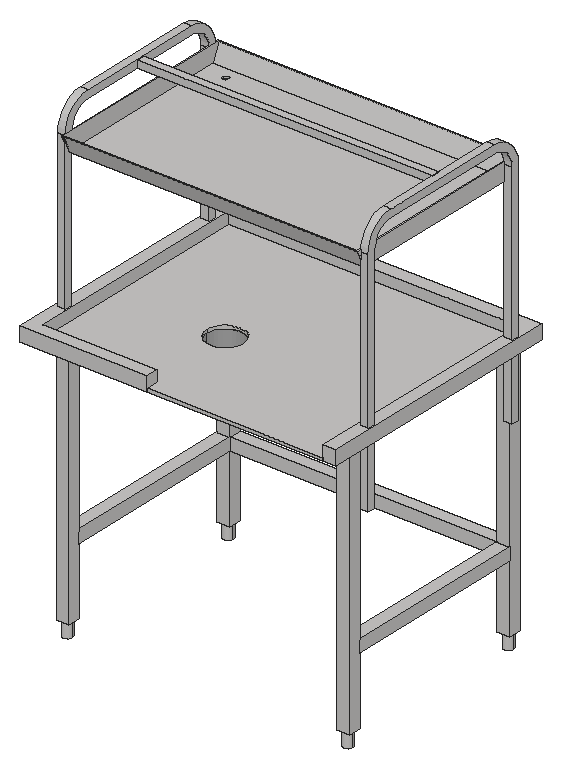
Revit family "QF_ZANUSSI_865335_BHST1008L", category Attrezzature speciali, Revit 2020
Family settings
  Quota connettore circolare = Usa diametro
  Tipo di parte = Normale
  Basato su piano di lavoro = No
  Sempre verticale = Sì
  Taglio con vuoti quando caricato = No
  Condiviso = No
  Punto di calcolo locali = No
Parameters (values of type "Standard")
  Weight = 8.00 kg
  Watts = 0 W
  Volts = 0 V
  URL Manufacturer = "http://www.zanussiprofessional.com"
  URL = "http://www.zanussiprofessional.com"
  Steam Supply Size = 0 mm
  Steam Supply Minimum Pressure = 0.0 Pa
  Steam Supply Maximum Pressure = 0.0 Pa
  Steam Consumption per Hour = 0
  Refrigeration Suction Line Size = 0 mm
  Refrigeration Liquid Line Size = 0 mm
  Refrigerant Compressor Remote = yes
  Prospetto di default = 0 mm
  Produttore = "Zanussi"
  Phase = 0
  Modello = "BHST1008L"
  Length Actual = 1000 mm  # constant formula
  Item Number = "865335"
  Hot Water Size = 0 mm
  Height Actual = 1551 mm  # constant formula
  HP = "0 HP"
  Gas Size = 0 mm
  Gas KW = 0
  Gas Input Pressure = 0 W
  Direct Waste Size = 0 mm
  Description = "SORTING TABLE, LEFT>RIGHT, 1000X800 MM "
  Depth Actual = 800 mm  # constant formula
  Cycle = 0 Hz
  Condensate Return Size = 0 mm
  Compressed Air Volume = 0.0 L/s
  Compressed Air Size = 0 mm
  Compressed Air Pressure = 0.0 Pa
  Cold Water Size = 0 mm
  Accessory = yes
Reference planes
  plane 1 "Centro (Fronte/Retro)": y = 0
  plane 2: z = 0
  plane 3 "Centro (Sinistra/Destra)": x = 0
  plane 4: x = 500
  plane 5: z = 1492
  plane 6: x = 20
  plane 7: y = -379.5
  plane 8: x = 56
  plane 9: x = 944
  plane 10: y = -60
  plane 11: y = -695
Forms (mm)
  Extrusion 1, solid, material "QF_Finishes_Stainless Steel"
    sketch origin (-76, -40, 0) x (1, 0, 0) y (0, 1, 0)
      loop
        line (1000, 0) -> (1000, -40) -> (1040, -40) -> (1040, 0) -> (1000, 0)
    from 45 to 865
  Extrusion 2, solid, material "QF_Finishes_Stainless Steel"
    sketch origin (-76, -40, 0) x (1, 0, 0) y (0, 1, 0)
      loop
        circle (1020, -20) r 15
    from 0 to 45
  Extrusion 3, solid, material "QF_Finishes_Stainless Steel"
    sketch origin (-76, -675, 0) x (1, 0, 0) y (0, 1, 0)
      loop
        line (1000, 0) -> (1000, -40) -> (1040, -40) -> (1040, 0) -> (1000, 0)
    from 45 to 865
  Extrusion 4, solid, material "QF_Finishes_Stainless Steel"
    sketch origin (-76, -675, 0) x (1, 0, 0) y (0, 1, 0)
      loop
        circle (1020, -20) r 15
    from 0 to 45
  Extrusion 5, solid, material "QF_Finishes_Stainless Steel"
    sketch origin (-964, -40, 0) x (1, 0, 0) y (0, 1, 0)
      loop
        line (1000, 0) -> (1000, -40) -> (1040, -40) -> (1040, 0) -> (1000, 0)
    from 45 to 865
  Extrusion 6, solid, material "QF_Finishes_Stainless Steel"
    sketch origin (-964, -40, 0) x (1, 0, 0) y (0, 1, 0)
      loop
        circle (1020, -20) r 15
    from 0 to 45
  Extrusion 7, solid, material "QF_Finishes_Stainless Steel"
    sketch origin (-964, -675, 0) x (1, 0, 0) y (0, 1, 0)
      loop
        line (1000, 0) -> (1000, -40) -> (1040, -40) -> (1040, 0) -> (1000, 0)
    from 45 to 865
  Extrusion 8, solid, material "QF_Finishes_Stainless Steel"
    sketch origin (-964, -675, 0) x (1, 0, 0) y (0, 1, 0)
      loop
        circle (1020, -20) r 15
    from 0 to 45
  Extrusion 9, solid, material "QF_Finishes_Stainless Steel"
    sketch origin (0, 0, 0) x (1, 0, 0) y (0, 0, 1)
      loop
        line (76, 259.624) -> (924, 259.624) -> (924, 299.579) -> (76, 299.579) -> (76, 259.624)
    from 40 to 80
  Extrusion 10, solid, material "QF_Finishes_Stainless Steel"
    sketch origin (36, 0, 0) x (0, 1, 0) y (0, 0, 1)
      loop
        line (-80, 299.579) -> (-675, 299.579) -> (-675, 259.579) -> (-80, 259.579) -> (-80, 299.579)
    from 0 to 40
  Extrusion 11, solid, material "QF_Finishes_Stainless Steel"
    sketch origin (964, 0, 0) x (0, 1, 0) y (0, 0, -1)
      loop
        line (-80, -299.579) -> (-80, -259.579) -> (-675, -259.579) -> (-675, -299.579) -> (-80, -299.579)
    from 0 to 40
  Sweep 12, solid, material "QF_Finishes_Stainless Steel"
    path origin (0, 0, -12) x (0, 1, 0) y (0, 0, 1)
      loop
        line (-95, 682) -> (-95, 1412)
        arc (-95, 1412) -> (-118.431, 1468.569) -> (-175, 1492) r 80
        line (-175, 1492) -> (-584, 1492)
        arc (-584, 1492) -> (-640.569, 1468.569) -> (-664, 1412) r 80
        line (-664, 1412) -> (-664, 682)
    profile origin (0, -95, 1035) x (0, -1, 0) y (1, 0, 0)
      loop
        line (-12, 8) -> (12, 8) -> (12, 32) -> (-12, 32) -> (-12, 8)
  Extrusion 13, solid, material "QF_Finishes_Stainless Steel"
    sketch origin (0, 0, -12) x (0, 1, 0) y (0, 0, 1)
      loop
        line (-367.5, 1504) -> (-391.5, 1504) -> (-391.5, 1480) -> (-367.5, 1480) -> (-367.5, 1504)
    from 32 to 968
  Sweep 14, solid, material "QF_Finishes_Stainless Steel"
    path origin (1000, 0, -12) x (0, 1, 0) y (0, 0, -1)
      loop
        line (-95, -682) -> (-95, -1412)
        arc (-95, -1412) -> (-118.431, -1468.569) -> (-175, -1492) r 80
        line (-175, -1492) -> (-584, -1492)
        arc (-584, -1492) -> (-640.569, -1468.569) -> (-664, -1412) r 80
        line (-664, -1412) -> (-664, -682)
    profile origin (1000, -95, 1035) x (0, 1, 0) y (-1, 0, 0)
      loop
        line (12, 8) -> (12, 32) -> (-12, 32) -> (-12, 8) -> (12, 8)
  Extrusion 15, void
    sketch origin (1000, 0, 0) x (-1, 0, 0) y (0, -1, 0)
      loop
        circle (610, 490) r 58
    from 674.596 to 947.421
  Extrusion 16, solid, material "QF_Finishes_Stainless Steel"
    sketch origin (1000, 0, 865) x (-1, 0, 0) y (0, -1, 0)
      loop
        line (0, 0) -> (1000, 0) -> (1000, 814) -> (600, 814) -> (600, 774) -> (960, 774) -> (960, 40) -> (40, 40) -> (40, 814) -> (0, 814) -> (0, 0)
    from 0 to 45
  Extrusion 17, solid, material "QF_Finishes_Stainless Steel"
    sketch origin (1000, 0, 865) x (-1, 0, 0) y (0, -1, 0)
      loop
        line (40, 814) -> (40, 40) -> (960, 40) -> (960, 774) -> (600, 774) -> (600, 814) -> (40, 814)
    from 0 to 10
  Extrusion 18, void
    sketch origin (32, 0, -6.687) x (0, 1, 0) y (0, 0, 1)
      loop
        line (-56.629, 1444.891) -> (-702.371, 1444.891) -> (-663.034, 1360.532) -> (-95.966, 1360.532) -> (-56.629, 1444.891)
    from 3.287 to 932.889
  Extrusion 19, solid, material "QF_Finishes_Stainless Steel"
    sketch origin (32, 0, -12) x (0, 1, 0) y (0, 0, 1)
      loop
        line (-70.92, 1418.976) -> (-688.08, 1418.976) -> (-661.76, 1362.532) -> (-97.24, 1362.532) -> (-70.92, 1418.976)
    from 0 to 936
  Extrusion 20, void
    sketch origin (0, 0, -12) x (1, 0, 0) y (0, 1, 0)
      loop
        circle (108.268, -136.161) r 12
    from 1301.755 to 1377.519
  Extrusion 21, solid, material "QF_Finishes_Stainless Steel"
    sketch origin (0, 0, -12) x (1, 0, 0) y (0, 1, 0)
      loop
        circle (108.21, -136.146) r 13
    from 1316.037 to 1362.532
  Extrusion 22, void
    sketch origin (0, 0, -12) x (1, 0, 0) y (0, 1, 0)
      loop
        circle (108.268, -136.161) r 10
    from 1301.755 to 1377.519
Cuts and joins
  Extrusion 15 cuts Extrusion 17
  Extrusion 18, Extrusion 22 cuts Extrusion 19
  Extrusion 20 cuts Extrusion 21
Dimensions and locks
  Extrusion 2 to Extrusion 1 = 45 mm
  plane 5 to level = 1492 mm  (x2)
  Sweep 12 to Sweep 12 = 545 mm
  Extrusion 3 to Extrusion 7 = 848 mm
  Extrusion 9 to Extrusion 9 = 39.955 mm
  plane 9 to plane 8 = 888 mm
  Extrusion 5 to Extrusion 7 = 595 mm
  plane 10 to plane 11 = 635 mm
  Extrusion 16 to Extrusion 16 = 1000 mm  (x2)
  Extrusion 16 to Extrusion 16 = 814 mm
  cut or joined group of Extrusion 15, Extrusion 17 to plane 1 "Centro (Fronte/Retro)" = 814 mm
  aligned and locked: level to plane 2
  aligned and locked: Extrusion 2 to Extrusion 1
  aligned and locked: Extrusion 4 to Extrusion 3
  aligned and locked: Extrusion 6 to Extrusion 5
  aligned and locked: Extrusion 8 to Extrusion 7
  aligned and locked: Extrusion 1 to Extrusion 9
  aligned and locked: Extrusion 13 to Sweep 12
Nested families
  nested 1: "FORO_IMMONDIZIE - 200" at (390, -490, 863.471) x (-1, 0, 0) z (0, 0, 1), type "FORO_IMMONDIZIE - 200"
Definition of nested family "FORO_IMMONDIZIE - 200"
  Parameters (values of type "FORO_IMMONDIZIE - 200")
    Default Elevation = 1219.2 mm
  Reference planes
    plane 1 "Centro (Fronte/Retro)": y = 0
    plane 2: z = 0
    plane 3 "Centro (Sinistra/Destra)": x = 0
    plane 4: z = -110
  Forms (mm)
    Extrusion 1, solid, not visible
      sketch origin (0, 0, 0) x (1, 0, 0) y (0, 1, 0)
        loop
          line (-1219.2, 1219.2) -> (-1219.2, -1219.2) -> (1219.2, -1219.2) -> (1219.2, 1219.2) -> (-1219.2, 1219.2)
      from 0 to -304.8
    Extrusion 2, solid
      sketch origin (0, 0, 0) x (1, 0, 0) y (0, 1, 0)
        loop
          circle (0, 0) r 60
        loop
          circle (0, 0) r 90
      from -110 to 1.529
  Dimensions and locks
    aligned and locked: plane 2 to Extrusion 1
    aligned and locked: level to Extrusion 1
